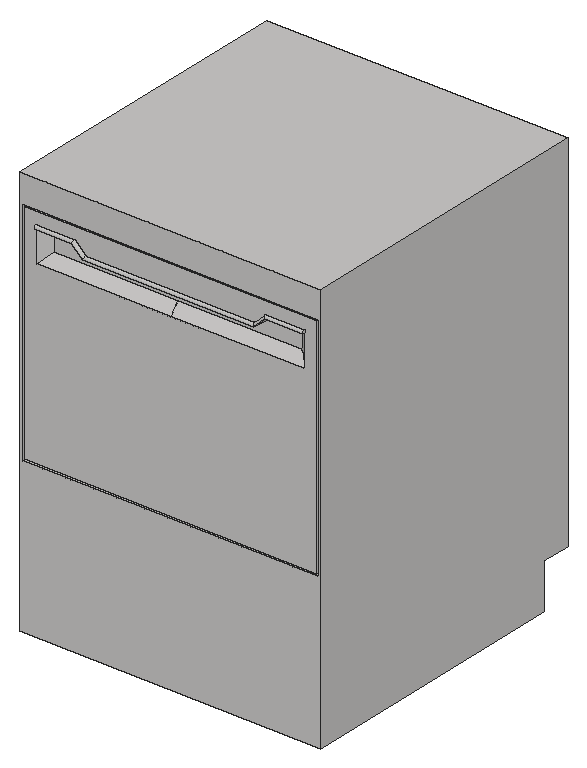
Revit family "QF_ELECTROLUXPROFESSIONAL_502707_ELAI1G", category Specialty Equipment, Revit 2018
Family settings
  Round Connector Dimension = Use Diameter
  Part Type = Normal
  Work Plane-Based = No
  Always vertical = Yes
  Cut with Voids When Loaded = No
  Shared = No
  Room Calculation Point = No
Parameters
  Weight = 68.00 kg
  Watts = 0 W
  Volts = 0 V
  URL Manufacturer = ""
  URL = "http://professional.electrolux.com/"
  Steam Supply Size = 0 mm
  Steam Supply Minimum Pressure = 0.0 Pa
  Steam Supply Maximum Pressure = 0.0 Pa
  Steam Pounds per Hour = 0
  Show Logo [instance] = yes
  Show Clearance [instance] = yes
  Refrigeration Suction Line Size = 0 mm
  Refrigeration Liquid Line Size = 0 mm
  Refrigerant Compressor Remote = yes
  Manufacturer = ""
  Phase = 0
  Model = ""
  Length Actual = 600 mm  # constant formula
  Item Number = ""
  Hot Water Size = 0 mm
  Height Actual = 820 mm  # constant formula
  HP = "7.2 HP"
  Gas Size = 0 mm
  Gas KW = 0
  Gas Input Pressure = 0 W
  Direct Waste Size = 20.5 mm
  Description = ""
  Depth Actual = 615 mm  # constant formula
  Cycle = 0 Hz
  Condensate Return Size = 0 mm
  Compressed Air Volume = 0.0 L/s
  Compressed Air Size = 0 mm
  Compressed Air Pressure = 0.0 Pa
  Cold Water Size = 0 mm
  Accessory = yes
Types (2, lengths in mm): name | Volts | URL Manufacturer | URL | Manufacturer | Phase | Model | Item Number | Hot Water Size | Description | Cycle
  (no name) | 0 V | "" | "http://professional.electrolux.com/" | "" | 0 | "" | "" | 0 | "" | 0 Hz
  Standard | 230 V | "http://professional.electrolux.com" | "http://professional.electrolux.com" | "Electrolux Professional" | 1 | "ELAI1G" | "502707" | 19.05 | "UNDERCOUNTER(L), WASH-SAFE, DOUBLE SKIN, 1PH, DP, DD, 720D/H" | 50 Hz
Reference planes
  plane 1 "Center (Front/Back)": y = 0
  plane 2: z = 0
  plane 3 "Center (Left/Right)": x = 0
  plane 4 "LEFT": x = -300
  plane 5 "RIGHT": x = 300
  plane 6 "FRONT": y = -307.5
  plane 7 "BACK": y = 307.5
  plane 8: z = 830
  plane 9: z = 10
  plane 10: y = 268.5
Forms (mm)
  Extrusion 1, solid, material "QF_Finishes_Stainless Steel"
    sketch origin (0, 0, 0) x (1, 0, 0) y (0, 1, 0)
      loop
        line (-300, -307.5) -> (300, -307.5) -> (300, 249.5) -> (-300, 249.5) -> (-300, -307.5)
    from 10 to 830
  Extrusion 2, solid, material "QF_Finishes_Stainless Steel"
    sketch origin (0, 0, 0) x (1, 0, 0) y (0, 1, 0)
      loop
        line (-300, 249.5) -> (300, 249.5) -> (300, 307.5) -> (-300, 307.5) -> (-300, 249.5)
    from 100 to 830
  Extrusion 3, solid, material "QF_Finishes_Stainless Steel"
    sketch origin (0, 0, 0) x (1, 0, 0) y (0, 1, 0)
      loop
        circle (-254, 193.5) r 12.5
      loop
        circle (254, 193.5) r 12.5
      loop
        circle (-254, -237.5) r 12.5
      loop
        circle (254, -237.5) r 12.5
    from 0 to 10
  Extrusion 4, void
    sketch origin (-300, -307.5, 0) x (-1, 0, 0) y (0, 0, 1)
      loop
        line (-5, 773.217) -> (-595, 773.217) -> (-595, 315.188) -> (-5, 315.188) -> (-5, 773.217)
    from 0 to 30
  Extrusion 5, solid, material "QF_Finishes_Stainless Steel"
    sketch origin (-274, -411, 733) x (0, 0, -1) y (1, 0, 0)
      loop
        circle (693, 143) r 10
    from -660.5 to -718.5
  Extrusion 6, solid, material "QF_Door-Drawer Clearances", visible <- "Show Clearance", detail levels coarse
    sketch origin (-230, -282.5, 0) x (0, 1, 0) y (0, 0, -1)
      loop
        line (-25, -319.312) -> (-397, -319.312)
        arc (-397, -319.312) -> (-298.139, -616.581) -> (-25, -770) r 434.302
        line (-25, -770) -> (-25, -319.312)
    from 61.225 to -521.647
  Extrusion 7, solid, material "QF_Finishes_Stainless Steel"
    sketch origin (-331.481, -411, 703) x (0, 0, -1) y (1, 0, 0)
      loop
        circle (663, 252.481) r 8
    from -660.5 to -718.5
  Extrusion 8, solid, material "QF_Finishes_Stainless Steel"
    sketch origin (-230, -282.5, 0) x (0, 1, 0) y (0, 0, -1)
      loop
        line (-25, -319.312) -> (-25, -770) -> (0, -770) -> (0, -319.312) -> (-25, -319.312)
    from 61.225 to -521.647
  Extrusion 9, solid, material "QF_Finishes_Stainless Steel"
    sketch origin (-301, 942.75, 760.5) x (0, -1, 0) y (1, 0, 0)
      loop
        circle (663, 158) r 8
    from -660.5 to -670.5
  Blend 10, void
    base sketch origin (-230, -307.5, 770) x (0, 0, -1) y (1, 0, 0)
      loop
        line (93.563, -37.311) -> (93.563, 230) -> (93.563, 497.311) -> (28.563, 497.311) -> (28.563, 422.311) -> (49.776, 401.098) -> (49.776, 230) -> (49.776, 58.902) -> (28.563, 37.689) -> (28.563, -37.311) -> (93.563, -37.311)
    top sketch origin (-230, -307.5, 770) x (0, 0, -1) y (1, 0, 0)
      loop
        line (73.563, -17.311) -> (73.563, 230) -> (73.563, 477.311) -> (31.063, 477.311) -> (31.063, 422.311) -> (52.276, 401.098) -> (52.276, 58.902) -> (31.063, 37.689) -> (31.063, -17.311) -> (73.563, -17.311)
    from 0 to -19.433
  Sweep 11, solid, material "QF_Finishes_Stainless Steel"
    path origin (-230, -307.5, 770) x (0, 0, -1) y (1, 0, 0)
      loop
        line (28.563, -37.311) -> (28.563, 37.689) -> (49.776, 58.902) -> (49.776, 401.098) -> (28.563, 422.311) -> (28.563, 497.311)
    profile origin (-229.811, -307.5, 741.437) x (0, 0, 1) y (0, -1, 0)
      loop
        line (0, 0) -> (5, 0)
        arc (5, 0) -> (3.536, 3.536) -> (0, 5) r 5
        arc (0, 5) -> (-0.037, 0.962) -> (-0.394, -3.06) r 51.04
        line (-0.394, -3.06) -> (0, 0)
Cuts and joins
  Extrusion 4 cuts Extrusion 1
  joined: Extrusion 1, Extrusion 2
  Blend 10 cuts Extrusion 8
Lines and regions (mm)
  Split face 1
    outline origin (-300, -307.5, 830) x (0, 0, -1) y (1, 0, 0)
      loop
        line (56.783, 5) -> (56.783, 0)
      loop
        line (56.783, 595) -> (56.783, 600)
      loop
        line (37.034, 600) -> (37.034, 514.297)
        arc (37.034, 514.297) -> (37.64, 511.25) -> (39.366, 508.667) r 7.962
        line (39.366, 508.667) -> (44.289, 503.744)
        arc (44.289, 503.744) -> (46.135, 500.982) -> (46.783, 497.723) r 8.515
        line (46.783, 497.723) -> (46.783, 87.277)
        arc (46.783, 87.277) -> (46.135, 84.018) -> (44.289, 81.256) r 8.515
        line (44.289, 81.256) -> (39.366, 76.333)
        arc (39.366, 76.333) -> (37.64, 73.75) -> (37.034, 70.703) r 7.962
        line (37.034, 70.703) -> (37.034, 0)
  Split face 2
    outline origin (-300, -307.5, 830) x (0, 0, -1) y (1, 0, 0)
      loop
        line (13.15, 274.82) -> (37.034, 274.82) -> (37.034, 325.18) -> (13.15, 325.18) -> (13.15, 274.82)
  symbolic lines
    curve 1: line (-300, 307.5, 0) -> (300, 307.5, 0)
    curve 2: line (-300, -307.5, 0) -> (-300, 307.5, 0)
    curve 3: line (300, -307.5, 0) -> (-300, -307.5, 0)
    curve 4: line (300, 307.5, 0) -> (300, -307.5, 0)
  symbolic lines, style "QF_Door-Drawer Clearances"
    curve 5: line (-291.225, -679.5, 0) -> (291.647, -679.5, 0)
    curve 6: line (291.647, -679.5, 0) -> (291.647, -307.5, 0)
    curve 7: line (-291.225, -679.5, 0) -> (-291.225, -307.5, 0)
  symbolic lines, style "SpecialityEquipmentHiddenLines"
    curve 8: line (-300, 249.5, 0) -> (300, 249.5, 0)
Dimensions and locks
  equal spacing: plane 4 "LEFT", plane 3 "Center (Left/Right)", plane 5 "RIGHT"
  equal spacing: plane 7 "BACK", plane 1 "Center (Front/Back)", plane 6 "FRONT"
  plane 7 "BACK" to plane 6 "FRONT" = 615 mm
  plane 4 "LEFT" to plane 5 "RIGHT" = 600 mm
  locked: plane 9 to level at 10
  plane 4 "LEFT" to plane 3 "Center (Left/Right)" = 300 mm
  plane 8 to level = 830 mm  (x2)
  Extrusion 9 sketch curve to plane 4 "LEFT" = 157 mm
  level to Extrusion 5 sketch curve = 40 mm
  Extrusion 5 sketch curve to plane 4 "LEFT" = 169 mm
  Extrusion 7 sketch curve to plane 4 "LEFT" = 221 mm
  level to Extrusion 7 sketch curve = 40 mm
  Extrusion 3 to cut or joined group of Extrusion 1, Extrusion 2, Extrusion 4 = 114 mm
  Extrusion 3 to Extrusion 3 = 431 mm
  plane 6 "FRONT" to Extrusion 3 = 70 mm
  plane 1 "Center (Front/Back)" to plane 6 "FRONT" = 307.5 mm
  locked: plane 7 "BACK" to plane 10 at 39
  plane 7 "BACK" to curve 5 = 987 mm
  Extrusion 8 to cut or joined group of Extrusion 1, Extrusion 2, Extrusion 4 = 454.812 mm
  aligned and locked: level to plane 2
  aligned and locked: Extrusion 1 sketch curve to plane 6 "FRONT"
  aligned and locked: Extrusion 1 sketch curve to plane 4 "LEFT"
  aligned and locked: plane 5 "RIGHT" to Extrusion 1 sketch curve
  aligned and locked: Extrusion 1 to plane 9
  aligned and locked: Extrusion 2 sketch curve to Extrusion 1
  aligned and locked: plane 7 "BACK" to Extrusion 2 sketch curve
  aligned and locked: plane 5 "RIGHT" to Extrusion 2 sketch curve
  aligned and locked: plane 9 to Extrusion 3
Automatic sketch dimensions
  Extrusion 1 sketch curve to plane 10 = 19 mm
  Extrusion 2 sketch curve to plane 10 = 19 mm
  plane 4 "LEFT" to Extrusion 3 sketch curve = 46 mm  (x2)
  Extrusion 3 sketch curve to plane 5 "RIGHT" = 46 mm  (x2)
  plane 6 "FRONT" to Extrusion 3 sketch curve = 70 mm  (x2)
  Extrusion 3 sketch curve to plane 10 = 75 mm  (x2)
  Extrusion 4 sketch curve to Extrusion 1 = 5 mm  (x2)
  Extrusion 4 sketch curve to Extrusion 1 = 305.188 mm
  Extrusion 4 sketch curve to Extrusion 1 = 56.783 mm
  Extrusion 8 sketch curve to plane 6 "FRONT" = 0 mm
  Extrusion 8 sketch curve to Extrusion 8 sketch curve = 25 mm
  Extrusion 8 sketch curve to plane 8 = 60 mm
  plane 9 to Extrusion 8 sketch curve = 309.312 mm
  cut or joined group of Extrusion 1, Extrusion 2, Extrusion 4 to Split face 1 sketch curve = 0 mm  (x2)
  Split face 1 sketch curve to cut or joined group of Extrusion 1, Extrusion 2, Extrusion 4 = 0 mm  (x6)
  cut or joined group of Extrusion 1, Extrusion 2, Extrusion 4 to Split face 1 sketch curve = 10 mm
  Split face 1 sketch curve to Split face 1 sketch curve = 2.494 mm  (x2)
  Split face 1 sketch curve to Split face 1 sketch curve = 8.515 mm  (x2)
  cut or joined group of Extrusion 1, Extrusion 2, Extrusion 4 to Split face 1 sketch curve = 11.786 mm  (x2)
  Split face 1 sketch curve to Split face 1 sketch curve = 5.63 mm  (x2)
  Split face 1 sketch curve to Split face 1 sketch curve = 2.332 mm  (x2)
  Split face 1 sketch curve to cut or joined group of Extrusion 1, Extrusion 2, Extrusion 4 = 65.703 mm
  Split face 1 sketch curve to Split face 1 sketch curve = 4.923 mm  (x2)
  Split face 1 sketch curve to cut or joined group of Extrusion 1, Extrusion 2, Extrusion 4 = 97.277 mm
  Split face 2 sketch curve to cut or joined group of Extrusion 1, Extrusion 2, Extrusion 4 = 13.15 mm
  cut or joined group of Extrusion 1, Extrusion 2, Extrusion 4 to Split face 2 sketch curve = 19.749 mm
  Split face 2 sketch curve to cut or joined group of Extrusion 1, Extrusion 2, Extrusion 4 = 269.82 mm
  Split face 2 sketch curve to Split face 2 sketch curve = 50.359 mm
  curve 1 to plane 4 "LEFT" = 0 mm
  curve 7 to plane 6 "FRONT" = 0 mm
  curve 4 to plane 5 "RIGHT" = 0 mm
  curve 8 to plane 10 = 19 mm
  curve 2 to plane 7 "BACK" = 0 mm
  plane 4 "LEFT" to curve 5 = 8.775 mm
  curve 6 to plane 5 "RIGHT" = 8.353 mm
  Extrusion 6 sketch curve to plane 6 "FRONT" = 0 mm
  plane 6 "FRONT" to Extrusion 6 sketch curve = 61.803 mm
  plane 9 to Extrusion 6 sketch curve = 330.118 mm
  Extrusion 6 sketch curve to Extrusion 6 sketch curve = 20.806 mm
  Extrusion 6 sketch curve to plane 6 "FRONT" = 372 mm
  Blend 10 sketch curve to Extrusion 8 = 28.563 mm  (x2)
  Blend 10 sketch curve to Extrusion 8 = 49.776 mm
  Blend 10 sketch curve to Blend 10 sketch curve = 65 mm
  Extrusion 8 to Blend 10 sketch curve = 23.913 mm
  Blend 10 sketch curve to Blend 10 sketch curve = 75 mm  (x2)
  Blend 10 sketch curve to Blend 10 sketch curve = 21.213 mm  (x5)
  Blend 10 sketch curve to Blend 10 sketch curve = 171.098 mm  (x2)
  Blend 10 sketch curve to Blend 10 sketch curve = 0 mm
  Extrusion 8 to Blend 10 sketch curve = 120.549 mm
  Extrusion 8 to Blend 10 sketch curve = 99.335 mm
  Extrusion 8 to Blend 10 sketch curve = 43.913 mm
  Blend 10 sketch curve to Blend 10 sketch curve = 42.5 mm
  Extrusion 8 to Blend 10 sketch curve = 44.335 mm
  Blend 10 sketch curve to Blend 10 sketch curve = 55 mm  (x2)
  Blend 10 sketch curve to Extrusion 8 = 31.063 mm
  Extrusion 8 to Sweep 11 sketch curve = 98.913 mm
  Sweep 11 sketch curve to Sweep 11 sketch curve = 21.213 mm  (x4)
  Extrusion 8 to Sweep 11 sketch curve = 23.913 mm
  Sweep 11 sketch curve to Extrusion 8 = 28.563 mm
  Extrusion 8 to Sweep 11 sketch curve = 99.335 mm
  Extrusion 8 to Sweep 11 sketch curve = 24.335 mm
  profile plane to Sweep 11 sketch curve = 0 mm  (x2)
  Sweep 11 sketch curve to profile plane = 0 mm
  profile plane to Sweep 11 sketch curve = 3.452 mm
  Sweep 11 sketch curve to Sweep 11 sketch curve = 5 mm
  profile plane to Sweep 11 sketch curve = 0.394 mm
  Sweep 11 sketch curve to profile plane = 3.06 mm
  plane 10 to Extrusion 9 sketch curve = 11.25 mm
  radius of Extrusion 3 sketch curve = 12.5 mm  (x4)
  radius of Extrusion 5 sketch curve = 10 mm
  radius of Extrusion 7 sketch curve = 8 mm
  radius of Extrusion 9 sketch curve = 8 mm
Connectors
  piping at (-131, 307.5, 40), diameter 20
    settings: on Extrusion 5, index 1, connector inside diameter 609.6 mm, connector length 0 mm, flow factor 0, pipe flow 0.0 L/s, pressure drop 0.0 Pa, fitting loss kfactor 0, connector angle 0.00°, fixture units 0, engagement length 0 mm, angle of deflection 0.00°, flow configuration 1, flow direction 1, fitting loss method 0, system type 16, joint type 0, gender type 0, connector reference index -1, connector utility 0, adjustable connector no, is connector primary yes, connector description "Drain"
  piping at (-79, 307.5, 40), diameter 16
    settings: on Extrusion 7, index 3, connector inside diameter 609.6 mm, connector length 0 mm, flow factor 0, pipe flow 0.0 L/s, pressure drop 0.0 Pa, fitting loss kfactor 0, connector angle 0.00°, fixture units 0, engagement length 0 mm, angle of deflection 0.00°, flow configuration 1, flow direction 1, fitting loss method 0, system type 20, joint type 0, gender type 0, connector reference index -1, connector utility 0, adjustable connector no, is connector primary no, connector description "Cold Water Inlet"
  electrical at (-143, 279.75, 90), driven by "Volts"
    settings: on Extrusion 9, index 4, voltage 0 V, apparent load 0 VA, apparent load phase1 0 VA, apparent load phase2 0 VA, apparent load phase3 0 VA, power factor 1, load classification "Altro", number of poles 1, system type 31, power factor state 1, is connector primary yes, connector utility no, sub classification motor no, connector description "Electrical Connection"
